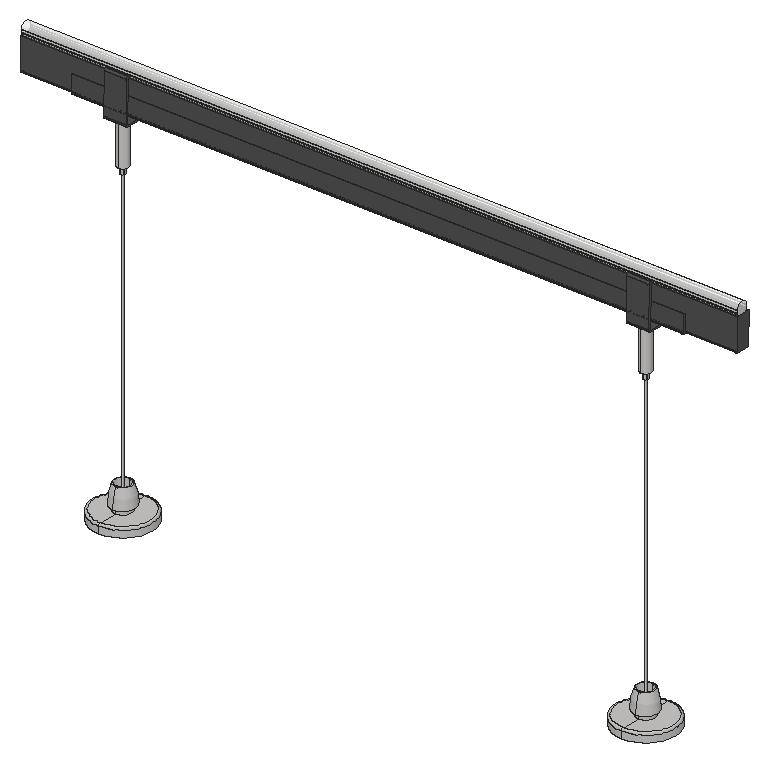
Revit family "Lighting-Luminii-iLight_Plexineon_Straight_Suspension new", category Lighting Fixtures, host Face, Revit 2020
Family settings
  Host = Face
  Round Connector Dimension = Use Diameter
  Part Type = Normal
  OmniClass Number = 23.80.70.11.14.11
  OmniClass Title = Downlights
  Cut with Voids When Loaded = No
  Light Source = Yes
  Shared = Yes
  Room Calculation Point = No
Parameters (values of type "Plexion Suspended Mount - PX")
  Width = 83/128"  # constant formula
  Wattage Comments = "3.2 W/ft"
  Wattage = 3.15385 W
  Warranty URL = "https://www.luminii.com/terms-conditions/"
  built-in parameter 1150110 = 1 (stored number, unit not read)
  Voltage Comments = "120VAC - 277VAC"  # constant formula
  Voltage = 120 V
  Version = "2020 - v1.0a"  # constant formula
  URL = "https://www.luminii.com/"
  built-in parameter 1114217 = 1 (stored number, unit not read)
  Tilt Angle = -90.00°  # constant formula
  built-in parameter 1150109 = 1 (stored number, unit not read)
  built-in parameter 1150134 = (empty or 0)
  Desired Suspension [instance] = 12"
  Actual Suspension [instance] = if(Desired Suspension < 6", 6", if(Desired Suspension > 150", 150", Desired Suspension))  # 12"
  built-in parameter 1150113 = 1 (stored number, unit not read)
  Support Phone = "224-699-9545"  # constant formula
  Support Email = "mailto:support@bimsmith.com"
  Product Page URL = "https://www.luminii.com/product/plexineon-suspended-static-color/"
  Power Source Type = "Driver"  # constant formula
  Power Factor = 1
  Photometric Web File = "PX48-SR-30K-SO-F_IESNA2002.IES"
  Phase = 1
  Operating Temperature = "Consult Manufacturer Website for more Information"  # constant formula
  Number of Poles = if(and(or(Voltage = 120 V, Voltage = 277 V), Phase = 1), 1, if(and(or(Voltage = 208 V, Voltage = 240 V), Phase = 1), 2, if(and(or(Voltage = 208 V, Voltage = 240 V), Phase = 3), 3, if(and(Voltage > 300 V, Phase = 1), 2, if(and(Voltage > 400 V, Phase = 3), 3, 1)))))  # 1
  Mounting Method = "Mounting Options: Suspension Mount Standard Clips, Suspension Mount Decorative Clips"  # constant formula
  Model = "PX"  # constant formula
  Manufacturer Phone Number = "403-216-7043"  # constant formula
  Manufacturer Email = "mailto: info@sensolighting.com"
  Manufacturer Address = "302 50 Ave SE. Calgary, Alberta, T2G 2A9 Canada"  # constant formula
  Manufacturer = "Luminii"  # constant formula
  built-in parameter 1150105 = 9.788 (stored number, unit not read)
  Lumens = 123 lm
  Luminaire Type = "Linear Illumination System"  # constant formula
  built-in parameter 1150115 = 1 (stored number, unit not read)
  Load Classification = Lighting
  built-in parameter 1150137 = (empty or 0)
  built-in parameter 1150139 = (empty or 0)
  Lens Material = Plastic - Luminii - Frosted Lens
  Length [instance] = if(Desired Length < 6", 6", if(Desired Length > 360", 360", (round(Desired Length / 2")) * 2"))  # 24"
  built-in parameter 1150112 = 1 (stored number, unit not read)
  built-in parameter 1150114 = 1 (stored number, unit not read)
  Lamp Life = 1
  Lamp = "LED"  # constant formula
  Keynote = "26 50 00"
  built-in parameter 1150132 = (empty or 0)
  built-in parameter 1150102 = (empty or 0)
  built-in parameter 1150107 = 3000 (stored number, unit not read)
  Initial Color Comments = "Perfomance based on 3000K Photometric Web File"  # constant formula
  built-in parameter 1150138 = (empty or 0)
  built-in parameter 1150106 = 0.09788 (stored number, unit not read)
  Housing Protection Rating = "Consult Manufacturer Website for more Information"  # constant formula
  Height = 1 207/256"  # constant formula
  Has Dimming = 1 = 1  # yes
  Has Battery Backup = 0 = 1  # no
  Frequency Comments = ""  # constant formula
  Frequency = 60 Hz
  Finish = Metal - Luminii - Black
  Environment = "Indoor"  # constant formula
  Emit from Line Length = 48"
  built-in parameter 1150104 = 3.6232 (stored number, unit not read)
  Dimming Type = "Consult Manufacturer Website for more Information"  # constant formula
  Dimming Lamp Color Temperature Shift = <None>
  Desired Length [instance] = 24"
  Description = "Linear Illumination System"  # constant formula
  Default Elevation = 0"  # constant formula
  Current Amps = 50 A
  Copyright = "©2024 Luminii"  # constant formula
  Control Zone = "Consult Manufacturer Website for more Information"  # constant formula
  Control Type = "Consult Manufacturer Website for more Information"  # constant formula
  Constraints = 1  # constant formula
  Color Filter = 16777215
  built-in parameter 1114216 [instance] = 0  # (empty or 0)
  built-in parameter 1140040 [instance] = 1 = 1  # 1
  CCT = "3000K"
  C Single Suspension [instance] = if(Length < 12", 1 = 1, 1 = 0)  # no
  C Number Array [instance] = if(Length < 30", 2, if(Length > 30", Length / 30" + 2, 2))  # 2
  C Multi Suspension [instance] = not(C Single Suspension)  # yes
  built-in parameter 1114218 = 1 (stored number, unit not read)
  built-in parameter 1150133 = 10 (stored number, unit not read)
  Assembly Code = "D5040.50"
  Apparent Load = Wattage / Power Factor  # 3.15385 VA
Reference planes (in)
  plane 1 "Center (Front/Back)": y = 0
  plane 2: z = 0
  plane 3 "Center (Left/Right)": x = 0
  plane 4: x = 0
  plane 5: x = 0
  plane 6: y = 0.32422
  plane 7: y = -0.32422
  plane 8: x = -12
  plane 9: x = 12
  plane 10: x = -11.25047
  plane 11: x = 11.25047
  plane 12 "Lamp": z = 0
  plane 13: x = -8.75047
  plane 14: x = 8.75047
  plane 15 "Top": z = 12
  plane 16 "Lamp Location": z = 12.32315
  plane 17: z = 13.80859
Forms (in)
  Extrusion 1, solid, not visible
    sketch origin (0, 0, -0.01563) x (1, 0, 0) y (0, 1, 0)
      loop
        circle (8.75047, 0) r 0.03125
    from 0.01562 to 0.08629
Dimensions and locks (in)
  equal spacing: plane 4, plane 3 "Center (Left/Right)", plane 5
  equal spacing: plane 6, plane 1 "Center (Front/Back)", plane 7
  "Width": plane 6 to plane 7
  equal spacing: plane 8, plane 3 "Center (Left/Right)", plane 9
  "Length": plane 8 to plane 9
  locked: Extrusion 1 to plane 2 at 0.07067
  plane 1 "Center (Front/Back)" to imposter light = 0"
  locked: plane 10 to plane 8 at 0.74953
  locked: plane 11 to plane 9 at 0.74953
  locked: plane 13 to plane 10 at 2.5
  locked: plane 14 to plane 11 at 2.5
  "Actual Suspension": plane 2 to plane 15 "Top"
  locked: plane 15 "Top" to plane 16 "Lamp Location" at 0.32315
  group 1 to group 2 = 17.50093"
  group 1 to group 2 = 0"  (x2)
  "Height": plane 15 "Top" to plane 17
  locked: host face to level
  aligned and locked: plane 2 to host face
  aligned and locked: imposter light to plane 3 "Center (Left/Right)"
  aligned and locked: plane 1 "Center (Front/Back)" to Extrusion 1 sketch curve
  aligned and locked: plane 1 "Center (Front/Back)" to imposter light
  aligned and locked: imposter light to plane 5
  aligned and locked: plane 1 "Center (Front/Back)" to nested 1
  aligned and locked: nested 2 to plane 1 "Center (Front/Back)"
  aligned and locked: plane 13 to nested 2
  aligned and locked: nested 3 to plane 14
  aligned and locked: nested 3 to plane 1 "Center (Front/Back)"
  aligned and locked: imposter light to plane 17
  aligned and locked: plane 14 to Extrusion 1 sketch curve
  aligned and locked: Extrusion 1 to plane 12 "Lamp"
  aligned and locked: nested 4 to plane 1 "Center (Front/Back)"
  aligned and locked: plane 3 "Center (Left/Right)" to nested 1
Automatic sketch dimensions
  host sketch curve to host sketch curve = 96"  (x2)
  radius of Extrusion 1 sketch curve = 1/32"
Nested families (in)
  nested 1: "Nested Lamp" at (0, 0, 12.32315), type "Nested Lamp"
  nested 2: "Suspension" at (-8.75047, 0, 0) x (0, 1, 0) z (0, 0, 1), visible <- "C Multi Suspension", type "Suspension"
  nested 3: "Suspension" at (8.75047, 0, 0) x (0, 1, 0) z (0, 0, 1), visible <- "C Multi Suspension", type "Suspension"
  nested 4: "Suspension" at (0, 0, 0) x (0, 1, 0) z (0, 0, 1), visible <- "C Single Suspension", type "Suspension"
Connectors (in)
  electrical at (8.75047, 0, 0), driven by "Number of Poles", driven by "Load Classification", driven by "Voltage", driven by "Apparent Load", driven by "Power Factor"
    settings: on Extrusion 1, index 1, voltage 120 V, apparent load 3.15385 VA, apparent load phase1 0 VA, apparent load phase2 0 VA, apparent load phase3 0 VA, power factor 1, load classification "Lighting", number of poles 1, system type 30, power factor state 1, is connector primary yes, connector utility no, sub classification motor no, connector description "Power Connection"
Definition of nested family "Nested Lamp"
  Parameters (values of type "Nested Lamp")
    Width = 133/256"  # constant formula
    Lens = none
    Length = 24"
    Height = 1 123/256"  # constant formula
    Finish = none
    Default Elevation = 48"
  Reference planes (in)
    plane 1 "Center (Front/Back)": y = 0
    plane 2: z = 0
    plane 3 "Center (Left/Right)": x = 0
    plane 4: x = -11.98828
    plane 5: x = 11.98828
    plane 6: x = 12
    plane 7: x = -12
    plane 8: y = 0.25977
    plane 9: y = -0.25977
    plane 10: z = 1.48047
    plane 11: x = -10.24462
    plane 12: x = 10.24462
  Forms (in)
    Extrusion 1, solid
      sketch origin (0, 0, 0) x (1, 0, 0) y (0, 1, 0)
        loop
          line (-48, 48) -> (-48, -48) -> (48, -48) -> (48, 48) -> (-48, 48)
      from 0 to -12
    Sweep 2, solid, material <- "Finish", detail levels coarse
      path origin (0, 0, 0) x (1, 0, 0) y (0, 1, 0)
        loop
          line (-12, 0) -> (12, 0)
      profile origin (0, 0, 0) x (0, 1, 0) y (0, 0, 1)
        loop
          line (0.23, 1.12425) -> (-0.23, 1.12425) -> (-0.23, 0.03125) -> (0.23, 0.03125) -> (0.23, 1.12425)
    Sweep 3, solid, material <- "Finish", detail levels medium+fine
      path origin (0, 0, 0) x (1, 0, 0) y (0, 1, 0)
        loop
          line (-12, 0) -> (12, 0)
      profile origin (0, 0, 0) x (0, 1, 0) y (0, 0, 1)
        loop
          line (0.23, 1.12425) -> (-0.23, 1.12425) -> (-0.23, 0.07125)
          arc (-0.23, 0.07125) -> (-0.21828, 0.04297) -> (-0.19, 0.03125) r 0.04
          line (-0.19, 0.03125) -> (0.19, 0.03125)
          arc (0.19, 0.03125) -> (0.21828, 0.04297) -> (0.23, 0.07125) r 0.04
          line (0.23, 0.07125) -> (0.23, 1.12425)
    Sweep 4, solid, material <- "Lens", detail levels coarse
      path origin (0, 0, 0) x (1, 0, 0) y (0, 1, 0)
        loop
          line (-11.98828, 0) -> (11.98828, 0)
      profile origin (0, 0, 0) x (0, 1, 0) y (0, 0, 1)
        loop
          arc (0.201, 1.27947) -> (0, 1.48047) -> (-0.201, 1.27947) r 0.201
          line (-0.201, 1.27947) -> (-0.201, 1.12425) -> (-0.15, 1.12425) -> (-0.15, 0.78025) -> (0.15, 0.78025) -> (0.15, 1.12425) -> (0.201, 1.12425) -> (0.201, 1.27947)
    Sweep 5, solid, material <- "Lens", detail levels medium+fine
      path origin (0, 0, 0) x (1, 0, 0) y (0, 1, 0)
        loop
          line (-11.98828, 0) -> (11.98828, 0)
      profile origin (0, 0, 0) x (0, 1, 0) y (0, 0, 1)
        loop
          line (-0.15, 0.78025) -> (0.15, 0.78025) -> (0.15, 1.14947)
          arc (0.15, 1.14947) -> (0.15728, 1.16704) -> (0.17485, 1.17432) r 0.02485
          arc (0.17485, 1.17432) -> (0.19334, 1.18198) -> (0.201, 1.20047) r 0.02615
          line (0.201, 1.20047) -> (0.201, 1.27947)
          arc (0.201, 1.27947) -> (0, 1.48047) -> (-0.201, 1.27947) r 0.201
          line (-0.201, 1.27947) -> (-0.201, 1.20047)
          arc (-0.201, 1.20047) -> (-0.19334, 1.18198) -> (-0.17485, 1.17432) r 0.02615
          arc (-0.17485, 1.17432) -> (-0.15728, 1.16704) -> (-0.15, 1.14947) r 0.02485
          line (-0.15, 1.14947) -> (-0.15, 0.78025)
    Sweep 6, void
      path origin (0, 0, 0) x (1, 0, 0) y (0, 1, 0)
        loop
          line (11.98828, 0) -> (-11.98828, 0)
      profile origin (0, 0, 0) x (0, -1, 0) y (0, 0, 1)
        loop
          line (0.15, 0.78025) -> (0.15, 1.12425) -> (-0.15, 1.12425) -> (-0.15, 0.78025) -> (0.15, 0.78025)
    Sweep 7, void
      path origin (0, 0, 0) x (1, 0, 0) y (0, 1, 0)
        loop
          line (11.98828, 0) -> (-11.98828, 0)
      profile origin (0, 0, 0) x (0, -1, 0) y (0, 0, 1)
        loop
          line (-0.15, 0.07125) -> (0.15, 0.07125) -> (0.15, 1.12425) -> (-0.15, 1.12425) -> (-0.15, 0.07125)
    Sweep 8, solid, material <- "Finish"
      path origin (0, 0, 0) x (1, 0, 0) y (0, 1, 0)
        loop
          line (-10.24462, 0) -> (10.24462, 0)
      profile origin (0, 0, 0) x (0, 1, 0) y (0, 0, 1)
        loop
          line (0.25977, 0.60885) -> (0.22852, 0.60885) -> (0.22852, 0.03125) -> (-0.22852, 0.03125) -> (-0.22852, 0.60885) -> (-0.25977, 0.60885) -> (-0.25977, 0.03513)
          arc (-0.25977, 0.03513) -> (-0.24948, 0.01029) -> (-0.22464, 0) r 0.03513
          line (-0.22464, 0) -> (0.22464, 0)
          arc (0.22464, 0) -> (0.24948, 0.01029) -> (0.25977, 0.03513) r 0.03513
          line (0.25977, 0.03513) -> (0.25977, 0.60885)
  Cuts and joins
    Sweep 6 cuts Sweep 2
    Sweep 7 cuts Sweep 3
  Dimensions and locks (in)
    "Length": plane 7 to plane 6
    locked: plane 7 to plane 4 at 0.01172
    locked: plane 5 to plane 6 at 0.01172
    equal spacing: plane 7, plane 3 "Center (Left/Right)", plane 6
    equal spacing: plane 9, plane 1 "Center (Front/Back)", plane 8
    "Width": plane 9 to plane 8
    "Height": plane 2 to plane 10
    locked: plane 7 to plane 11 at 1.75538
    locked: plane 12 to plane 6 at 1.75538
    aligned and locked: plane 2 to Extrusion 1
    aligned and locked: level to Extrusion 1
    aligned and locked: plane 1 "Center (Front/Back)" to Sweep 2 sketch curve
    aligned and locked: plane 6 to Sweep 3 sketch curve
    aligned and locked: plane 7 to Sweep 3 sketch curve
    aligned and locked: plane 1 "Center (Front/Back)" to Sweep 3 sketch curve
    aligned and locked: plane 4 to Sweep 6 sketch curve
    aligned and locked: Sweep 6 sketch curve to plane 1 "Center (Front/Back)"
    aligned and locked: plane 5 to Sweep 6 sketch curve
    aligned and locked: plane 7 to Sweep 2 sketch curve
    aligned and locked: plane 6 to Sweep 2 sketch curve
    aligned and locked: plane 4 to Sweep 7 sketch curve
    aligned and locked: Sweep 7 sketch curve to plane 1 "Center (Front/Back)"
    aligned and locked: plane 5 to Sweep 7 sketch curve
    aligned and locked: plane 12 to Sweep 8 sketch curve
    aligned and locked: plane 1 "Center (Front/Back)" to Sweep 8 sketch curve
    aligned and locked: plane 11 to Sweep 8 sketch curve
    aligned and locked: plane 1 "Center (Front/Back)" to Sweep 4 sketch curve
  Automatic sketch dimensions
    Extrusion 1 sketch curve to Extrusion 1 sketch curve = 96"  (x2)
    plane 1 "Center (Front/Back)" to Sweep 4 sketch curve = 0"
    Sweep 4 sketch curve to plane 4 = 0"
    Sweep 4 sketch curve to plane 5 = 0"
    plane 1 "Center (Front/Back)" to Sweep 5 sketch curve = 0"
    Sweep 5 sketch curve to plane 4 = 0"
    Sweep 5 sketch curve to plane 5 = 0"
    profile plane to Sweep 5 sketch curve = 0.201"
    Sweep 5 sketch curve to Sweep 5 sketch curve = 0.02615"  (x2)
    Sweep 5 sketch curve to Sweep 5 sketch curve = 0.02485"  (x3)
    Sweep 5 sketch curve to profile plane = 0"
    Sweep 5 sketch curve to Sweep 5 sketch curve = 0.051"
    level to Sweep 5 sketch curve = 0.78025"
    Sweep 5 sketch curve to Sweep 5 sketch curve = 0.36922"  (x2)
    Sweep 5 sketch curve to Sweep 5 sketch curve = 0.079"
    profile plane to Sweep 4 sketch curve = 0.15"
    Sweep 4 sketch curve to Sweep 4 sketch curve = 0.051"  (x2)
    level to Sweep 4 sketch curve = 1.12425"
    Sweep 4 sketch curve to Sweep 4 sketch curve = 0.344"
    Sweep 4 sketch curve to Sweep 4 sketch curve = 0.15522"
    Sweep 4 sketch curve to Sweep 4 sketch curve = 0"
    profile plane to Sweep 2 sketch curve = 0.23"
    level to Sweep 2 sketch curve = 1/32"
    Sweep 2 sketch curve to profile plane = 0.23"
    profile plane to Sweep 3 sketch curve = 0.23"
    Sweep 3 sketch curve to Sweep 3 sketch curve = 0.04"
    level to Sweep 3 sketch curve = 1/32"
    Sweep 2 sketch curve to Sweep 2 sketch curve = 1.093"
    profile plane to Sweep 6 sketch curve = 0.15"
    Sweep 6 sketch curve to profile plane = 0.15"
    level to Sweep 6 sketch curve = 0.78025"
    Sweep 6 sketch curve to Sweep 6 sketch curve = 0.344"
    profile plane to Sweep 7 sketch curve = 0.15"
    Sweep 7 sketch curve to profile plane = 0.15"
    level to Sweep 7 sketch curve = 0.07125"
    Sweep 7 sketch curve to Sweep 7 sketch curve = 1.053"
    Sweep 3 sketch curve to profile plane = 0.19"
    Sweep 3 sketch curve to profile plane = 0.23"
    Sweep 3 sketch curve to Sweep 3 sketch curve = 1.053"
    profile plane to Sweep 8 sketch curve = 0.25977"
    Sweep 8 sketch curve to Sweep 8 sketch curve = 1/32"  (x2)
    Sweep 8 sketch curve to Sweep 8 sketch curve = 0.00388"  (x3)
    Sweep 8 sketch curve to profile plane = 0.22464"
    Sweep 8 sketch curve to Sweep 8 sketch curve = 0.57373"
    Sweep 8 sketch curve to Sweep 8 sketch curve = 0"
    Sweep 8 sketch curve to level = 0"
Definition of nested family "Suspension"
  Parameters (values of type "Suspension")
    Width = 2"  # constant formula
    Suspension = 12"
    Lens = none
    Finish = none
    Default Elevation = 48"
  Reference planes (in)
    plane 1 "Center (Front/Back)": y = 0
    plane 2: z = 0
    plane 3 "Center (Left/Right)": x = 0
    plane 4: x = -1
    plane 5: x = 1
    plane 6: y = 1
    plane 7: y = -1
    plane 8: z = 12
    plane 9: z = 0.2
    plane 10: z = 0.6855
    plane 11: z = 10.702
  Forms (in)
    Extrusion 1, solid
      sketch origin (0, 0, 0) x (1, 0, 0) y (0, 1, 0)
        loop
          line (-48, 48) -> (-48, -48) -> (48, -48) -> (48, 48) -> (-48, 48)
      from 0 to -12
    Revolve 2, solid, detail levels medium+fine
      sketch origin (0, 0, 0) x (1, 0, 0) y (0, 0, 1)
        loop
          line (0, 10.36802) -> (0, 12) -> (-0.1029, 12) -> (-0.1029, 11.94186) -> (-0.18596, 11.94186) -> (-0.18596, 10.60818) -> (-0.0768, 10.60818) -> (-0.0768, 10.36802) -> (0, 10.36802)
        axis (0, 12) -> (0, 10.36802)
      angle from 0 to 360
    Revolve 3, solid, detail levels medium+fine
      sketch origin (0, 0, 0) x (1, 0, 0) y (0, 0, 1)
        loop
          line (-1, 0.22309) -> (-1, 0) -> (0, 0) -> (0, 0.55742) -> (-0.26272, 0.55742) -> (-0.26272, 1.09286) -> (-0.29397, 1.09286)
          arc (-0.29397, 1.09286) -> (-0.38151, 0.78151) -> (-0.40574, 0.459) r 1.62725
          line (-0.40574, 0.459) -> (-0.29632, 0.459) -> (-0.29632, 0.29) -> (-0.93309, 0.29)
          arc (-0.93309, 0.29) -> (-0.9804, 0.2704) -> (-1, 0.22309) r 0.06691
        axis (0, 1.09286) -> (0, 0)
      angle from 0 to 360
    Extrusion 4, solid, detail levels medium+fine
      sketch origin (0, 0, 0) x (1, 0, 0) y (0, 1, 0)
        loop
          circle (0, 0) r 0.03175
      from 0.55742 to 10.702
    Extrusion 5, solid, detail levels coarse
      sketch origin (0, 0, 0) x (1, 0, 0) y (0, 1, 0)
        loop
          circle (0, 0) r 0.03175
      from 0 to 12
  Dimensions and locks (in)
    equal spacing: plane 5, plane 3 "Center (Left/Right)", plane 4
    "Width": plane 5 to plane 4
    equal spacing: plane 6, plane 1 "Center (Front/Back)", plane 7
    "Width": plane 6 to plane 7
    locked: plane 9 to plane 2 at 0.2
    "Suspension": plane 8 to Extrusion 1
    locked: plane 8 to plane 11 at 1.298
    plane 3 "Center (Left/Right)" to Revolve 2 sketch curve to Revolve 2 sketch curve to Revolve 2 sketch curve to Revolve 2 sketch curve = 0" locked, 0.0768" locked, 0.02611" locked, 0.08306" locked
    Revolve 2 sketch curve to plane 8 to Revolve 2 sketch curve to Revolve 2 sketch curve to Revolve 2 sketch curve = 0" locked, 0.05814" locked, 1.33368" locked, 0.24016" locked
    plane 10 to Extrusion 1 = 0.6855"
    locked: plane 10 to Extrusion 4 at 0.12808
    aligned and locked: plane 2 to Extrusion 1
    aligned and locked: level to Extrusion 1
    aligned and locked: Revolve 2 sketch curve to plane 3 "Center (Left/Right)"
    aligned and locked: Revolve 3 sketch curve to plane 3 "Center (Left/Right)"
    aligned and locked: plane 3 "Center (Left/Right)" to Extrusion 4 sketch curve
    aligned and locked: plane 1 "Center (Front/Back)" to Extrusion 4 sketch curve
    aligned and locked: plane 11 to Extrusion 4
    aligned and locked: plane 1 "Center (Front/Back)" to Extrusion 5 sketch curve
    aligned and locked: plane 3 "Center (Left/Right)" to Extrusion 5 sketch curve
    aligned and locked: Extrusion 5 to level
    aligned and locked: plane 3 "Center (Left/Right)" to nested 1
    aligned and locked: nested 1 to plane 1 "Center (Front/Back)"
    aligned and locked: plane 8 to Extrusion 5
  Automatic sketch dimensions
    Extrusion 1 sketch curve to Extrusion 1 sketch curve = 96"  (x2)
    Revolve 3 sketch curve to plane 4 = 0"
    Revolve 3 sketch curve to plane 3 "Center (Left/Right)" = 0"
    Revolve 3 sketch curve to level = 0"
    Revolve 3 sketch curve to plane 9 = 0"
    Revolve 3 sketch curve to plane 10 = 0"
    Revolve 3 sketch curve to plane 9 = 0.02309"
    plane 4 to Revolve 3 sketch curve = 0.06691"
    Revolve 3 sketch curve to plane 10 = 0.2265"
    Revolve 3 sketch curve to plane 3 "Center (Left/Right)" = 0.40574"
    Revolve 3 sketch curve to Revolve 3 sketch curve = 0.10942"
    Revolve 3 sketch curve to plane 3 "Center (Left/Right)" = 0.29397"
    Revolve 3 sketch curve to Revolve 3 sketch curve = 0.03359"
    plane 5 to Revolve 3 sketch curve = 0.22102"
    Revolve 3 sketch curve to plane 10 = 0.18656"
    Revolve 3 sketch curve to plane 10 = 0.12808"
    Revolve 2 sketch curve to plane 11 = 0.05814"
    Revolve 2 sketch curve to plane 8 = 0.05814"
    radius of Extrusion 4 sketch curve = 0.03175"
    radius of Extrusion 5 sketch curve = 0.03175"
  Nested families (in)
    nested 1: "Standard Bracket" at (0, 0, 12) x (0, 1, 0) z (0, 0, 1), type "Standard Bracket"
  Definition of nested family "Standard Bracket"
    Parameters (values of type "Standard Bracket")
      Width = 83/128"  # constant formula
      Lens = none
      Length = 3/4"  # constant formula
      Height = 1 1/2"  # constant formula
      Finish = none
      Default Elevation = 48"
    Reference planes (in)
      plane 1 "Center (Front/Back)": y = 0
      plane 2: z = 0
      plane 3 "Center (Left/Right)": x = 0
      plane 4: x = 0.375
      plane 5: x = -0.375
      plane 6: y = 0.32422
      plane 7: y = -0.32422
      plane 8: z = 1.5
    Forms (in)
      Extrusion 1, solid
        sketch origin (0, 0, 0) x (1, 0, 0) y (0, 1, 0)
          loop
            line (-48, 48) -> (-48, -48) -> (48, -48) -> (48, 48) -> (-48, 48)
        from 0 to -12
      Sweep 2, solid, material <- "Finish", detail levels medium+fine
        path origin (0, 0, 0) x (1, 0, 0) y (0, 1, 0)
          loop
            line (-0.375, 0) -> (0.375, 0)
        profile origin (0, 0, 0) x (0, 1, 0) y (0, 0, 1)
          loop
            arc (0.24742, -0.00007) -> (0.30181, 0.02246) -> (0.32434, 0.07685) r 0.07691
            line (0.32434, 0.07685) -> (0.30542, 1.43069)
            arc (0.30542, 1.43069) -> (0.2781, 1.48233) -> (0.22235, 1.49977) r 0.07676
            line (0.22235, 1.49977) -> (0.1651, 1.49098) -> (0.1651, 1.45146) -> (0.22679, 1.46094)
            arc (0.22679, 1.46094) -> (0.25301, 1.45238) -> (0.26639, 1.42825) r 0.0377
            line (0.26639, 1.42825) -> (0.2841, 0.07394)
            arc (0.2841, 0.07394) -> (0.27334, 0.04717) -> (0.24673, 0.03604) r 0.03738
            line (0.24673, 0.03604) -> (-0.24673, 0.03604)
            arc (-0.24673, 0.03604) -> (-0.27334, 0.04717) -> (-0.28531, 0.07395) r 0.03738
            line (-0.28531, 0.07395) -> (-0.26639, 1.42825)
            arc (-0.26639, 1.42825) -> (-0.25301, 1.45238) -> (-0.22679, 1.46094) r 0.0377
            line (-0.22679, 1.46094) -> (-0.1651, 1.45146) -> (-0.1651, 1.49098) -> (-0.22235, 1.49977)
            arc (-0.22235, 1.49977) -> (-0.2781, 1.48233) -> (-0.30542, 1.43069) r 0.07676
            line (-0.30542, 1.43069) -> (-0.32434, 0.07685)
            arc (-0.32434, 0.07685) -> (-0.30181, 0.02246) -> (-0.24742, -0.00007) r 0.07691
            line (-0.24742, -0.00007) -> (0.24742, -0.00007)
      Sweep 3, solid, material <- "Finish", detail levels coarse
        path origin (0, 0, 0) x (1, 0, 0) y (0, 1, 0)
          loop
            line (-0.375, 0) -> (0.375, 0)
        profile origin (0, 0, 0) x (0, 1, 0) y (0, 0, 1)
          loop
            line (-0.32422, 1.49098) -> (-0.32422, 0) -> (0.32422, 0) -> (0.32422, 1.49098) -> (0.20025, 1.49098) -> (0.20025, 1.45146) -> (0.2841, 1.45146) -> (0.2841, 0.03604) -> (-0.2841, 0.03604) -> (-0.2841, 1.45146) -> (-0.20025, 1.45146) -> (-0.20025, 1.49098) -> (-0.32422, 1.49098)
    Dimensions and locks (in)
      "Length": plane 5 to plane 4
      equal spacing: plane 5, plane 3 "Center (Left/Right)", plane 4
      equal spacing: plane 7, plane 1 "Center (Front/Back)", plane 6
      "Width": plane 7 to plane 6
      "Height": plane 2 to plane 8
      aligned and locked: plane 2 to Extrusion 1
      aligned and locked: level to Extrusion 1
      aligned and locked: plane 4 to Sweep 2 sketch curve
      aligned and locked: plane 5 to Sweep 2 sketch curve
      aligned and locked: plane 1 "Center (Front/Back)" to Sweep 2 sketch curve
      aligned and locked: plane 1 "Center (Front/Back)" to Sweep 3 sketch curve
      aligned and locked: plane 4 to Sweep 3 sketch curve
      aligned and locked: plane 5 to Sweep 3 sketch curve
    Automatic sketch dimensions
      Extrusion 1 sketch curve to Extrusion 1 sketch curve = 96"  (x2)
      Sweep 2 sketch curve to Sweep 2 sketch curve = 0"  (x5)
      level to Sweep 2 sketch curve = 0.07685"  (x2)
      profile plane to Sweep 2 sketch curve = 0.32434"
      profile plane to Sweep 2 sketch curve = 0.30542"
      Sweep 2 sketch curve to Sweep 2 sketch curve = 0.03903"  (x2)
      Sweep 2 sketch curve to level = 0.00007"
      Sweep 2 sketch curve to Sweep 2 sketch curve = 0.0007"  (x2)
      Sweep 2 sketch curve to Sweep 2 sketch curve = 0.03737"  (x2)
      Sweep 2 sketch curve to Sweep 2 sketch curve = 0.00223"  (x2)
      Sweep 2 sketch curve to Sweep 2 sketch curve = 0.00445"  (x2)
      Sweep 2 sketch curve to Sweep 2 sketch curve = 0.05725"  (x2)
      Sweep 2 sketch curve to profile plane = 0.1651"
      level to Sweep 2 sketch curve = 0.07341"
      Sweep 2 sketch curve to profile plane = 0.24673"
      level to Sweep 2 sketch curve = 0.03604"
      Sweep 2 sketch curve to Sweep 2 sketch curve = 0.00343"
      Sweep 2 sketch curve to Sweep 2 sketch curve = 1.34646"
      Sweep 2 sketch curve to Sweep 2 sketch curve = 0.00495"  (x2)
      Sweep 2 sketch curve to Sweep 2 sketch curve = 0.00244"  (x2)
      Sweep 2 sketch curve to Sweep 2 sketch curve = 0.00948"  (x2)
      Sweep 2 sketch curve to Sweep 2 sketch curve = 0.03952"  (x2)
      level to Sweep 2 sketch curve = 0.07395"  (x2)
      Sweep 2 sketch curve to Sweep 2 sketch curve = 0.00121"  (x2)
      Sweep 2 sketch curve to Sweep 2 sketch curve = 0.03668"
      Sweep 2 sketch curve to Sweep 2 sketch curve = 0.03789"
      Sweep 3 sketch curve to level = 0"
      profile plane to Sweep 3 sketch curve = 83/256"
      Sweep 3 sketch curve to Sweep 3 sketch curve = 0.04012"  (x2)
      Sweep 3 sketch curve to Sweep 3 sketch curve = 0.08385"  (x2)
      Sweep 3 sketch curve to profile plane = 0.20025"
      level to Sweep 3 sketch curve = 0.03604"
      Sweep 3 sketch curve to Sweep 3 sketch curve = 1.41542"
      Sweep 3 sketch curve to Sweep 3 sketch curve = 0"
      Sweep 3 sketch curve to Sweep 3 sketch curve = 0.03952"  (x2)
